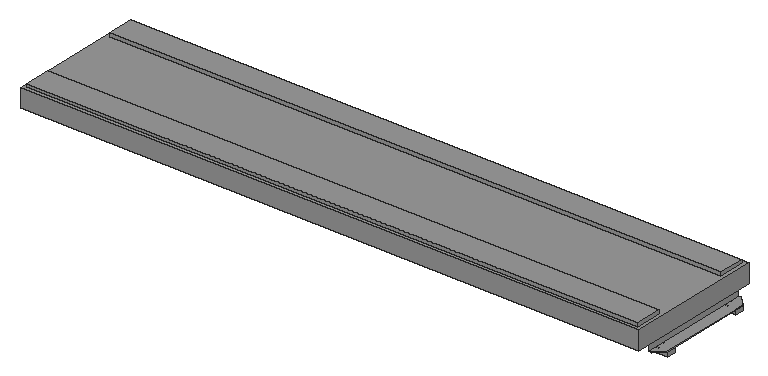
Revit family "44067", category Lighting Fixtures, host Face, Revit 2018
Family settings
  Host = Face
  Round Connector Dimension = Use Diameter
  Part Type = Normal
  OmniClass Number = 23.80.70.00
  OmniClass Title = Lighting
  Cut with Voids When Loaded = No
  Light Source = Yes
  Shared = No
  Room Calculation Point = No
Parameters (values of type "0044067 SPORTSBAY 18KLM 840 SS")
  box length = 1160 mm
  Width = 320 mm
  Weight = "n/a"
  Wattage Comments = ""
  Wattage = 9.2903 W
  WarrantyStartDate [instance] = "n/a"
  WarrantyGuarantorParts = "n/a"
  WarrantyDurationUnit = "n/a"
  WarrantyDurationParts = ""
  WarrantyDescription = "http://www.sylvania-lighting.com"
  built-in parameter 1150110 = 1 (stored number, unit not read)
  Voltage = 0 V
  URL = "0.95"
  TypeName = "Sportsbay 18klm 840 SS"
  Type Image = <None>
  Type Comments = "n/a"
  built-in parameter 1114217 = 1 (stored number, unit not read)
  Tilt Angle = -90.00°
  built-in parameter 1150109 = 1 (stored number, unit not read)
  built-in parameter 1150134 = 3
  built-in parameter 1150113 = 1 (stored number, unit not read)
  SerialNumber [instance] = "n/a"
  Photometric Web File = "0044067.IES"
  Material_3_SYL = none
  PowerFactor = 0
  PowerConsumption = "Lighting"
  NominalLength = 320 mm
  NominalHeight = 76 mm
  NominalDepth = 320 mm
  Name = "Sportsbay 18klm 840 SS"
  ModelReference = Name  # "Sportsbay 18klm 840 SS"
  ModelNumber = "0044067"
  Model = Name  # "Sportsbay 18klm 840 SS"
  Material = "Feilo Sylvania"
  ManufacturerName = "156 lm/W"
  Manufacturer = ""
  LuminousEfficacy = ""
  built-in parameter 1150105 = 109.82 (stored number, unit not read)
  Lumens = 1380 lm
  LuminaireType = "0"
  built-in parameter 1150115 = 1 (stored number, unit not read)
  LightOutputRatio = "LED"
  built-in parameter 1150137 = (empty or 0)
  built-in parameter 1150139 = (empty or 0)
  Length = 1500 mm
  LampsType = Lamp  # "n/a"
  LampNominalLuminous = "n/a"
  LampMacAdamStep = "n/a"
  LampColourTemperature = "LED"
  LampColourRenderingIndex = "16500"
  built-in parameter 1150112 = 1 (stored number, unit not read)
  built-in parameter 1150114 = 1 (stored number, unit not read)
  Lamp = "n/a"
  Keynote = "n/a"
  InstallationDate [instance] = "n/a"
  InputVoltage = "0"
  InputNominalFrequency = ""
  built-in parameter 1150132 = (empty or 0)
  built-in parameter 1150102 = (empty or 0)
  built-in parameter 1150107 = 3200 (stored number, unit not read)
  built-in parameter 1150138 = (empty or 0)
  IngressProtection = "IfcLightFixtureType"
  ImpactProtectionIndex = "IfcLightFixtureType"
  built-in parameter 1150106 = 1.0982 (stored number, unit not read)
  IfcExportType = "IfcLightFixtureType"
  IfcExportAs = "Class I"
  Height = 76 mm
  Emit from Circle Diameter = 609.6 mm
  Emit Shape Visible in Rendering = no
  ElectricShockClassification = "156"
  built-in parameter 1150104 = 13.8 (stored number, unit not read)
  DocumentationLiterature = "http://www.sylvania-lighting.com/product/en-int/products/0044067"
  DimmingControlOptions = "n/a"
  Material_2_SYL = none
  Dimming Lamp Color Temperature Shift = <None>
  Description = ""
  Default Elevation = 1219.2 mm
  CreatedOn = "26/09/2023"
  CreatedBy = "@sylvania-lighting.com"
  Cost = 0
  Color Filter = 16777215
  built-in parameter 1114216 [instance] = (empty or 0)
  ClassificationValue = "EF_70_80"
  ClassificationName = "Uniclass2015"
  Material_1_SYL = none
  BarCode [instance] = "n/a"
  built-in parameter 1114218 = 1 (stored number, unit not read)
  built-in parameter 1150133 = 10 (stored number, unit not read)
  AssetType = "Fixed"
  AssetIdentifier [instance] = "n/a"
  Assembly Code = "D5020200"
  Apparent Load = 118 VA
  Material_4_SYL = none
Reference planes
  plane 1 "Center (Front/Back)": y = 0
  plane 2: z = 0
  plane 3 "Center (Left/Right)": x = 0
  plane 4: x = -750
  plane 5: x = 750
  plane 6: y = 160
  plane 7: y = -160
  plane 8: z = 76
  plane 9: z = 1
  plane 10: y = 130
  plane 11: y = -130
  plane 12: y = 110
  plane 13: y = -110
  plane 14: z = 11
  plane 15: z = 68
  plane 16: z = 25
  plane 17: y = 90
  plane 18: y = 151
  plane 19: y = 90
  plane 20: x = -720
  plane 21: x = -728.997
  plane 22: x = -721
  plane 23: x = -712
  plane 24: x = -748.5
  plane 25: x = -723.5
  plane 26: x = 712
Forms (mm)
  Extrusion 1, solid, material "Aluminum", detail levels medium+fine
    sketch origin (0, 0, 0) x (1, 0, 0) y (0, 1, 0)
      loop
        line (-740.875, 130) -> (-750, 121.311) -> (-750, -110) -> (-728.997, -130) -> (-720, -130) -> (-720, 130) -> (-740.875, 130)
    from 11 to 12
  Extrusion 2, solid, material "Aluminum", detail levels medium+fine
    sketch origin (0, 0, 0) x (1, 0, 0) y (0, 1, 0)
      loop
        line (-720, 130) -> (-721, 130) -> (-721, -130) -> (-720, -130) -> (-720, 130)
    from 11 to 25
  Extrusion 3, solid, material "Aluminum", detail levels medium+fine
    sketch origin (1524, -324.9, 1219.2) x (1, 0, 0) y (0, 0, 1)
      loop
        line (-803, -1151.2) -> (-2245, -1151.2) -> (-2245, -1194.2) -> (-803, -1194.2) -> (-803, -1151.2)
    from -484.9 to -164.9
  Extrusion 4, solid, material "Aluminum", detail levels medium+fine
    sketch origin (0, 0, 0) x (1, 0, 0) y (0, 1, 0)
      loop
        line (-748.5, 110) -> (-748.5, 90) -> (-723.5, 90) -> (-723.5, 110) -> (-748.5, 110)
    from 0 to 11
  Extrusion 5, solid, material "Aluminum", detail levels medium+fine
    sketch origin (0, 0, 0) x (1, 0, 0) y (0, 1, 0)
      loop
        line (-748.5, -110) -> (-723.5, -110) -> (-723.5, -90) -> (-748.5, -90) -> (-748.5, -110)
    from 0 to 11
  Extrusion 6, solid, material "Glass, White, High Luminance", detail levels fine
    sketch origin (0, 0, 0) x (1, 0, 0) y (0, 1, 0)
      loop
        line (-712, 151) -> (-712, 90) -> (712, 90) -> (712, 151) -> (-712, 151)
    from 68 to 76
  Extrusion 7, solid, material "Glass, White, High Luminance", detail levels fine
    sketch origin (0, 0, 0) x (1, 0, 0) y (0, 1, 0)
      loop
        line (-712, -151) -> (712, -151) -> (712, -90) -> (-712, -90) -> (-712, -151)
    from 68 to 76
  Extrusion 8, solid, detail levels coarse
    sketch origin (0, 0, 0) x (1, 0, 0) y (0, 1, 0)
      loop
        line (-750, 160) -> (-750, -160) -> (750, -160) -> (750, 160) -> (-750, 160)
    from 0 to 76
  Extrusion 9, solid, material "Aluminum", detail levels medium+fine
    sketch origin (0, 0, 0) x (-1, 0, 0) y (0, -1, 0)
      loop
        line (-726.38, -130) -> (-720, -130) -> (-720, 130) -> (-728.997, 130) -> (-750, 110) -> (-750, -107.508) -> (-726.38, -130)
    from 11 to 12
  Extrusion 10, solid, material "Aluminum", detail levels coarse
    sketch origin (-1524, -324.9, 1219.2) x (-1, 0, 0) y (0, 0, -1)
      loop
        line (-774, 1143.2) -> (-774, 1219.2) -> (-2274, 1219.2) -> (-2274, 1143.2) -> (-774, 1143.2)
    from -484.9 to -164.9
  Extrusion 11, solid, material "Aluminum", detail levels medium+fine
    sketch origin (0, 0, 0) x (-1, 0, 0) y (0, -1, 0)
      loop
        line (-748.5, -110) -> (-723.5, -110) -> (-723.5, -90) -> (-748.5, -90) -> (-748.5, -110)
    from 0 to 11
  Extrusion 12, solid, material "Aluminum", detail levels medium+fine
    sketch origin (0, 0, 0) x (-1, 0, 0) y (0, -1, 0)
      loop
        line (-748.5, 110) -> (-748.5, 90) -> (-723.5, 90) -> (-723.5, 110) -> (-748.5, 110)
    from 0 to 11
  Extrusion 13, solid, material "Aluminum", detail levels medium+fine
    sketch origin (0, 0, 0) x (-1, 0, 0) y (0, -1, 0)
      loop
        line (-720, -130) -> (-720, 130) -> (-721, 130) -> (-721, -130) -> (-720, -130)
    from 11 to 25
Dimensions and locks
  equal spacing: plane 4, plane 3 "Center (Left/Right)", plane 5
  equal spacing: plane 6, plane 1 "Center (Front/Back)", plane 7
  "Length": plane 4 to plane 5
  "Width": plane 6 to plane 7
  "Height": plane 8 to level
  aligned and locked: plane 2 to host face
  aligned and locked: level to host face
Automatic sketch dimensions
  host sketch curve to host sketch curve = 2438.4 mm  (x2)
  Extrusion 1 sketch curve to plane 4 = 0 mm
  Extrusion 1 sketch curve to plane 11 = 0 mm
  Extrusion 1 sketch curve to plane 21 = 0 mm
  Extrusion 1 sketch curve to plane 10 = 0 mm
  Extrusion 1 sketch curve to plane 20 = 0 mm
  Extrusion 1 sketch curve to plane 13 = 0 mm
  plane 21 to Extrusion 1 sketch curve = 11.878 mm
  plane 12 to Extrusion 1 sketch curve = 11.311 mm
  Extrusion 2 sketch curve to plane 10 = 0 mm
  Extrusion 2 sketch curve to plane 22 = 0 mm
  Extrusion 2 sketch curve to plane 11 = 0 mm
  Extrusion 2 sketch curve to plane 20 = 0 mm
  Extrusion 4 sketch curve to plane 17 = 0 mm
  Extrusion 4 sketch curve to plane 24 = 0 mm
  Extrusion 4 sketch curve to plane 25 = 0 mm
  Extrusion 4 sketch curve to plane 12 = 0 mm
  Extrusion 5 sketch curve to plane 24 = 0 mm
  Extrusion 5 sketch curve to plane 25 = 0 mm
  Extrusion 5 sketch curve to plane 13 = 0 mm
  Extrusion 5 sketch curve to plane 13 = 20 mm
  Extrusion 6 sketch curve to plane 17 = 0 mm
  Extrusion 6 sketch curve to plane 23 = 0 mm
  Extrusion 6 sketch curve to plane 26 = 0 mm
  Extrusion 6 sketch curve to plane 18 = 0 mm
  Extrusion 7 sketch curve to plane 26 = 0 mm
  Extrusion 7 sketch curve to plane 7 = 9 mm
  Extrusion 7 sketch curve to plane 23 = 0 mm
  Extrusion 7 sketch curve to plane 13 = 20 mm
  Extrusion 8 sketch curve to plane 4 = 0 mm
  Extrusion 8 sketch curve to plane 5 = 0 mm
  Extrusion 8 sketch curve to plane 7 = 0 mm
  Extrusion 8 sketch curve to plane 6 = 0 mm
  Extrusion 9 sketch curve to plane 5 = 0 mm
  Extrusion 9 sketch curve to plane 11 = 0 mm
  Extrusion 9 sketch curve to plane 10 = 0 mm
  plane 13 to Extrusion 9 sketch curve = 0 mm
  Extrusion 9 sketch curve to plane 26 = 16.997 mm
  Extrusion 9 sketch curve to plane 26 = 14.38 mm
  Extrusion 9 sketch curve to Extrusion 9 sketch curve = 6.38 mm
  plane 12 to Extrusion 9 sketch curve = 2.492 mm
  Extrusion 10 sketch curve to plane 5 = 0 mm
  Extrusion 10 sketch curve to level = 0 mm
  Extrusion 10 sketch curve to plane 4 = 0 mm
  Extrusion 10 sketch curve to plane 8 = 0 mm
  plane 17 to Extrusion 11 sketch curve = 0 mm
  plane 12 to Extrusion 11 sketch curve = 0 mm
  plane 5 to Extrusion 11 sketch curve = 1.5 mm
  Extrusion 11 sketch curve to plane 26 = 11.5 mm
  plane 13 to Extrusion 12 sketch curve = 0 mm
  Extrusion 12 sketch curve to plane 5 = 1.5 mm
  plane 26 to Extrusion 12 sketch curve = 11.5 mm
  Extrusion 12 sketch curve to Extrusion 12 sketch curve = 20 mm
  Extrusion 13 sketch curve to plane 10 = 0 mm
  Extrusion 13 sketch curve to plane 11 = 0 mm
  Extrusion 13 sketch curve to plane 26 = 9 mm
  Extrusion 13 sketch curve to Extrusion 13 sketch curve = 1 mm
  Extrusion 3 sketch curve to plane 22 = 0 mm
  Extrusion 3 sketch curve to plane 16 = 0 mm
  Extrusion 3 sketch curve to plane 15 = 0 mm
  plane 26 to Extrusion 3 sketch curve = 9 mm
Connectors
  electrical at (0, 0, 0), driven by "Apparent Load", driven by "PowerFactor", driven by "Voltage"
    settings: index 1, voltage 0 V, apparent load 118 VA, apparent load phase1 0 VA, apparent load phase2 0 VA, apparent load phase3 0 VA, power factor 0, load classification "Lighting", number of poles 1, system type 30, power factor state 1, is connector primary yes, connector utility no, sub classification motor no, connector description ""
